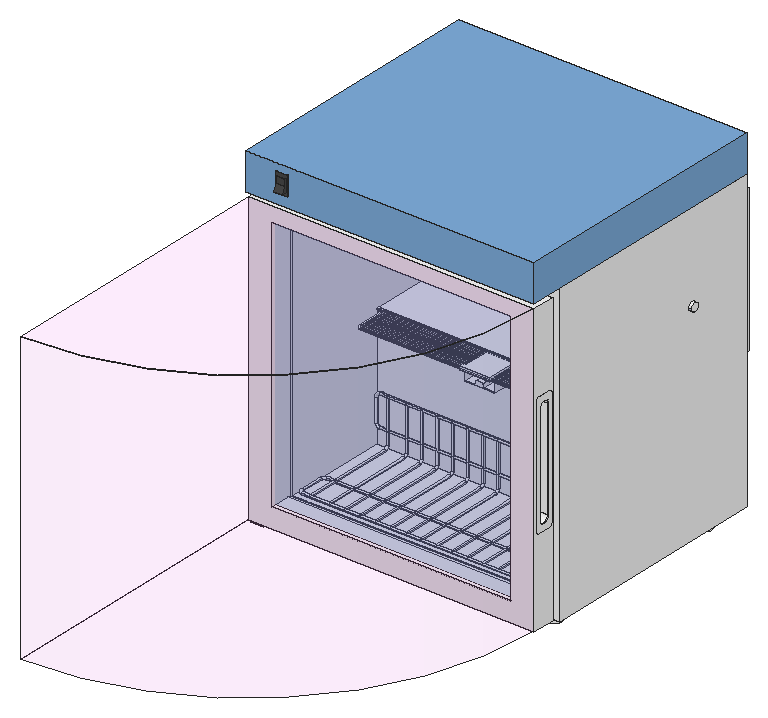
Revit family "QF_Summit_ACR162G_19_Wide_Compact_Healthcare_Refrigerator", category Specialty Equipment, Revit 2020 (continued)
Automatic sketch dimensions
  Extrusion 48 sketch curve to plane 6 "TOP" = 0.70063"
  plane 5 "FRONT" to Extrusion 48 sketch curve = 0.06284"
  Extrusion 48 sketch curve to Extrusion 48 sketch curve = 0.40138"
  Extrusion 48 sketch curve to Extrusion 48 sketch curve = 0"
  Extrusion 48 sketch curve to Extrusion 48 sketch curve = 0.40401"
  Extrusion 48 sketch curve to Extrusion 48 sketch curve = 0.25902"
  curve 23 to curve 4 = 0.07062"
  radius of Extrusion 10 sketch curve = 1/4"
  radius of Extrusion 12 sketch curve = 1/4"
  radius of Sweep 16 sketch curve = 0.0355"
  radius of Extrusion 17 sketch curve = 0.01764"  (x246)
  radius of Extrusion 18 sketch curve = 1.86562"
  radius of Extrusion 19 sketch curve = 0.15366"  (x4)
  radius of Sweep 20 sketch curve = 1/16"
  radius of Sweep 21 sketch curve = 1/16"
  radius of Sweep 22 sketch curve = 1.79706"
  radius of Sweep 22 sketch curve = 0.03311"
  radius of Sweep 23 sketch curve = 1.58291"
  radius of Sweep 23 sketch curve = 0.03311"
  radius of Sweep 24 sketch curve = 1.33469"
  radius of Sweep 24 sketch curve = 0.03311"
  radius of Sweep 25 sketch curve = 1.07736"
  radius of Sweep 25 sketch curve = 0.03311"
  radius of Sweep 26 sketch curve = 0.57884"
  radius of Sweep 26 sketch curve = 0.03311"
  radius of Sweep 27 sketch curve = 0.83566"
  radius of Sweep 27 sketch curve = 0.03311"
  radius of Sweep 28 sketch curve = 0.07039"
  radius of Sweep 29 sketch curve = 0.06257"
  radius of Sweep 30 sketch curve = 1/16"
  radius of Sweep 31 sketch curve = 1/16"
  radius of Sweep 32 sketch curve = 1/16"
  radius of Sweep 33 sketch curve = 1/16"
  radius of Sweep 34 sketch curve = 1/16"
  radius of Sweep 35 sketch curve = 1/16"
  radius of Sweep 36 sketch curve = 1/16"
  radius of Sweep 37 sketch curve = 1/16"
  radius of Sweep 38 sketch curve = 1/16"
  radius of Sweep 39 sketch curve = 1/16"
  radius of Sweep 40 sketch curve = 1/16"
  radius of Sweep 41 sketch curve = 1/16"
  radius of Sweep 42 sketch curve = 1/16"
  radius of Sweep 43 sketch curve = 1/16"
  radius of Sweep 44 sketch curve = 0.07039"
  radius of Sweep 45 sketch curve = 0.29913"
  radius of Sweep 45 sketch curve = 0.03311"
  radius of Extrusion 46 sketch curve = 1/4"  (x13)
  radius of Split face 1 sketch curve = 1/2"
  radius of Split face 2 sketch curve = 1/4"
Nested families (in)
  nested 1: "RHD AND LHD" at (-0.0625, -16.375, 0.6275), Show Clearance <- "Show Clearance", Show Left Hand Door <- "Show Left Hand Door", Show Right Hand Door <- "Show Right Hand Door", type "RHD AND LHD"
    with Show Right Hand Door no, Show Left Hand Door yes, Show Clearance yes, Right Hand Door no, Left Hand Door yes, Clearance yes
Connectors (in)
  electrical at (16.625, -0.46875, 1.63983), driven by "Volts", driven by "Watts"
    settings: on Extrusion 12, index 1, voltage 115 V, apparent load 69 VA, apparent load phase1 0 VA, apparent load phase2 0 VA, apparent load phase3 0 VA, power factor 1, load classification "Other", number of poles 1, system type 30, power factor state 1, is connector primary yes, connector utility no, sub classification motor no, connector description "ELECTRICAL CONNECTION"
Definition of nested family "RHD AND LHD"
  Parameters (values of type "RHD AND LHD")
    Weight in Pounds = 0
    URL Cutsheet = ""
    Specification by User = ""
    Specification by Manufacturer = ""
    Show Right Hand Door [instance] = yes
    Show Left Hand Door [instance] = yes
    Show Clearance [instance] = yes
    Serial Number = ""
    Seismic Rating = ""
    SMACNA No = ""
    Right Hand Door [instance] = Show Right Hand Door  # yes
    Revision Code = ""
    NAFEM Spec ID Number = ""
    Masterspec = ""
    Length = 18 3/4"
    Left Hand Door [instance] = Show Left Hand Door  # yes
    Item Number = ""
    Installed By = ""
    Identify Quantity as Lot = yes
    Height = 22.88"
    Furnished By = ""
    Foodservice Equipment Identifier = yes
    Depth = 1 1/2"
    Default Elevation = 0"
    Clearance [instance] = Show Clearance  # yes
    CSI MasterFormat = ""
  Reference planes (in)
    plane 1 "BACK": y = 0
    plane 2: z = 0
    plane 3 "LEFT": x = 0
    plane 4 "RIGHT": x = 18.75
    plane 5 "FRONT": y = -1.5
    plane 6 "TOP": z = 22.88
    plane 7 "Center Y": x = 9.375
    plane 8 "Center X": y = -0.75
  Dimensions and locks (in)
    equal spacing: plane 3 "LEFT", plane 7 "Center Y", plane 4 "RIGHT"
    "Length": plane 3 "LEFT" to plane 4 "RIGHT"
    equal spacing: plane 5 "FRONT", plane 8 "Center X", plane 1 "BACK"
    "Depth": plane 5 "FRONT" to plane 1 "BACK"
    "Height": plane 6 "TOP" to level
    aligned and locked: level to plane 2
  Nested families (in)
    nested 1: "RHD" at (0, 0, -0.69), Show Clearance <- "Show Clearance", Show Right Hand Door <- "Right Hand Door", visible <- "Right Hand Door", type "RHD"
      with Show Right Hand Door yes, Show Clearance yes, Right Hand Door yes, Left Hand Door yes, Clearance yes
    nested 2: "LHD" at (0.0625, 0, -0.69), Show Clearance <- "Show Clearance", Show Left Hand Door <- "Left Hand Door", visible <- "Left Hand Door", type "LHD"
      with Show Left Hand Door yes, Show Clearance yes, Left Hand Door yes, Clearance yes
  Definition of nested family "RHD"
    Parameters (values of type "RHD")
      Weight in Pounds = 0
      URL Cutsheet = ""
      Specification by User = ""
      Specification by Manufacturer = ""
      Show Right Hand Door [instance] = yes
      Show Clearance [instance] = yes
      Serial Number = ""
      Seismic Rating = ""
      SMACNA No = ""
      Right Hand Door [instance] = Show Right Hand Door  # yes
      Revision Code = ""
      NAFEM Spec ID Number = ""
      Masterspec = ""
      Length = 18 3/4"
      Left Hand Door [instance] = yes
      Item Number = ""
      Installed By = ""
      Identify Quantity as Lot = yes
      Height = 22.88"
      Furnished By = ""
      Foodservice Equipment Identifier = yes
      Depth = 1 1/2"
      Default Elevation = 0"
      Clearance [instance] = Show Clearance  # yes
      CSI MasterFormat = ""
    Reference planes (in)
      plane 1 "BACK": y = 0
      plane 2: z = 0
      plane 3 "LEFT": x = 0
      plane 4 "RIGHT": x = 18.75
      plane 5 "FRONT": y = -1.5
      plane 6 "TOP": z = 22.88
      plane 7 "Center Y": x = 9.375
      plane 8 "Center X": y = -0.75
    Forms (in)
      Extrusion 1, solid, visible <- "Right Hand Door"
        sketch origin (-2.76448, -1.75, 47.31) x (-1, 0, 0) y (0, 0, 1)
          loop
            line (-2.82698, -27.1225) -> (-21.45198, -27.1225) -> (-21.45198, -45.9975) -> (-2.82698, -45.9975) -> (-2.82698, -27.1225)
          loop
            line (-4.32698, -28.06) -> (-19.95198, -28.06) -> (-19.95198, -44.685) -> (-4.32698, -44.685) -> (-4.32698, -28.06)
        from 0.25 to 1.75
      Revolve 2, solid, visible <- "Right Hand Door"
        sketch origin (18.25, -163.625, 20.5625) x (0, 0, 1) y (0, -1, 0)
          loop
            line (-0.375, -162.875) -> (-0.375, -163.125) -> (0, -163.125) -> (0, -162.875) -> (-0.375, -162.875)
          axis (0, -162.875) -> (-0.375, -162.875)
        angle from 0 to 360
      Extrusion 3, solid, visible <- "Right Hand Door"
        sketch origin (18.75, 0.5, 1.0625) x (-1, 0, 0) y (0, 0, -1)
          loop
            line (0.9375, -0.15066) -> (0.9375, -0.08986) -> (0.0625, -0.08986) -> (0.0625, -0.15066) -> (0.9375, -0.15066)
        from 0 to 1.84933
      Revolve 4, solid, visible <- "Right Hand Door"
        sketch origin (18.25, -163.625, 1.3125) x (0, 0, 1) y (0, -1, 0)
          loop
            line (-0.09934, -162.875) -> (-0.09934, -163.125) -> (0, -163.125) -> (0, -162.875) -> (-0.09934, -162.875)
          axis (0, -162.875) -> (-0.09934, -162.875)
        angle from 0 to 360
      Extrusion 5, solid
        sketch origin (17.1875, -1.75, 2.625) x (-1, 0, 0) y (0, -1, 0)
          loop
            line (0, -1.5) -> (15.625, -1.5) -> (15.625, -0.5) -> (0, -0.5) -> (0, -1.5)
        from 0 to 16.625
      Extrusion 6, solid, visible <- "Clearance"
        sketch origin (16.53697, -2, 2.0025) x (0, 1, 0) y (1, 0, 0)
          loop
            line (0.5, -16.47279) -> (0.5, 2.15053) -> (-18.12332, 2.15053)
            arc (-18.12332, 2.15053) -> (-12.66868, -11.01814) -> (0.5, -16.47279) r 18.62332
        from 0.69 to -18.185
      Extrusion 7, solid, visible <- "Left Hand Door"
        sketch origin (0.0625, -1.75, 19.4375) x (0, 0, 1) y (0, 1, 0)
          loop
            line (-4.75, 1.625) -> (-12.25, 1.625)
            arc (-12.25, 1.625) -> (-12.42678, 1.55178) -> (-12.5, 1.375) r 0.25
            line (-12.5, 1.375) -> (-12.5, 0.625)
            arc (-12.5, 0.625) -> (-12.42678, 0.44822) -> (-12.25, 0.375) r 0.25
            line (-12.25, 0.375) -> (-4.75, 0.375)
            arc (-4.75, 0.375) -> (-4.57322, 0.44822) -> (-4.5, 0.625) r 0.25
            line (-4.5, 0.625) -> (-4.5, 1.375)
            arc (-4.5, 1.375) -> (-4.57322, 1.55178) -> (-4.75, 1.625) r 0.25
          loop
            line (-5.25238, 1.375) -> (-11.75, 1.375)
            arc (-11.75, 1.375) -> (-12.125, 1) -> (-11.75, 0.625) r 0.375
            line (-11.75, 0.625) -> (-5.25238, 0.625)
            arc (-5.25238, 0.625) -> (-4.87738, 1) -> (-5.25238, 1.375) r 0.375
        from 0 to 0.0625
      Extrusion 8, void
        sketch origin (0, -1.75, 19.4375) x (0, 0, -1) y (0, 1, 0)
          loop
            arc (5.25238, 1.375) -> (4.87738, 1) -> (5.25238, 0.625) r 0.375
            line (5.25238, 0.625) -> (11.75, 0.625)
            arc (11.75, 0.625) -> (12.125, 1) -> (11.75, 1.375) r 0.375
            line (11.75, 1.375) -> (5.25238, 1.375)
        from 0 to 0.27076
    Cuts and joins
      Extrusion 8 cuts Extrusion 1
      Extrusion 8 cuts Extrusion 5
      Extrusion 8 cuts Extrusion 7
    Lines and regions (in)
      symbolic lines, visible <- "Clearance"
        curve 1: arc (2.66712, -10.99937, 0) -> (0.72545, -6.42499, 0) -> (0.0625, -1.5, 0) r 18.625
        curve 2: line (18.6875, -1.75, 0) -> (2.66712, -10.99937, 0)
    Dimensions and locks (in)
      equal spacing: plane 3 "LEFT", plane 7 "Center Y", plane 4 "RIGHT"
      "Length": plane 3 "LEFT" to plane 4 "RIGHT"
      equal spacing: plane 5 "FRONT", plane 8 "Center X", plane 1 "BACK"
      "Depth": plane 5 "FRONT" to plane 1 "BACK"
      "Height": plane 6 "TOP" to level
      aligned and locked: level to plane 2
    Automatic sketch dimensions
      plane 5 "FRONT" to curve 1 = 0"
      plane 4 "RIGHT" to curve 1 = 1/16"
      plane 4 "RIGHT" to curve 2 = 1/16"
      plane 3 "LEFT" to curve 2 = 2.66712"
      plane 3 "LEFT" to curve 1 = 1/16"
      curve 2 to curve 1 = 1/4"
      Revolve 2 sketch curve to plane 8 "Center X" = 0"  (x2)
      Revolve 2 sketch curve to plane 6 "TOP" = 2.6925"
      Revolve 2 sketch curve to Revolve 2 sketch curve = 3/8"
      Revolve 2 sketch curve to Revolve 2 sketch curve = 1/4"
      Revolve 2 sketch curve to Revolve 2 sketch curve = 0.12972"
      Revolve 2 sketch curve to Revolve 2 sketch curve = 0"
      plane 4 "RIGHT" to Extrusion 3 sketch curve = 1/16"
      Extrusion 3 sketch curve to Extrusion 3 sketch curve = 7/8"
      level to Extrusion 3 sketch curve = 1.21316"
      Extrusion 3 sketch curve to Extrusion 3 sketch curve = 0.0608"
      Revolve 4 sketch curve to plane 8 "Center X" = 0"  (x2)
      level to Revolve 4 sketch curve = 1.21316"
      Revolve 4 sketch curve to Revolve 4 sketch curve = 0.09934"
      Revolve 4 sketch curve to Revolve 4 sketch curve = 1/4"
      Revolve 4 sketch curve to Revolve 4 sketch curve = 0.03038"
      Revolve 4 sketch curve to Revolve 4 sketch curve = 0"
      plane 4 "RIGHT" to Extrusion 1 sketch curve = 1/16"
      plane 4 "RIGHT" to Extrusion 1 sketch curve = 1 9/16"
      plane 3 "LEFT" to Extrusion 1 sketch curve = 1 9/16"
      plane 3 "LEFT" to Extrusion 1 sketch curve = 1/16"
      level to Extrusion 1 sketch curve = 1 5/16"
      Extrusion 1 sketch curve to Extrusion 1 sketch curve = 1 5/16"
      Extrusion 1 sketch curve to plane 6 "TOP" = 3.63"
      Extrusion 1 sketch curve to Extrusion 1 sketch curve = 15/16"
      Extrusion 5 sketch curve to Extrusion 1 = 0"  (x2)
      Extrusion 1 to Extrusion 5 sketch curve = 1/4"  (x2)
      plane 5 "FRONT" to Extrusion 6 sketch curve = 0"
      plane 4 "RIGHT" to Extrusion 6 sketch curve = 1/16"
      Extrusion 6 sketch curve to Extrusion 6 sketch curve = 18.62332"
      Extrusion 1 to Extrusion 7 sketch curve = 3/8"  (x2)
      Extrusion 7 sketch curve to Extrusion 1 = 5 5/8"
      Extrusion 1 to Extrusion 7 sketch curve = 1/8"  (x2)
      Extrusion 7 sketch curve to Extrusion 7 sketch curve = 1/4"  (x2)
      Extrusion 7 sketch curve to Extrusion 7 sketch curve = 1/2"
      Extrusion 1 to Extrusion 7 sketch curve = 6.00238"
      Extrusion 7 sketch curve to Extrusion 7 sketch curve = 0.50238"  (x2)
      Extrusion 7 sketch curve to Extrusion 7 sketch curve = 3/8"
      Extrusion 7 to Extrusion 8 sketch curve = 0.75238"
      radius of Extrusion 8 sketch curve to Extrusion 7 = 0"
  Definition of nested family "LHD"
    Parameters (values of type "LHD")
      Weight in Pounds = 0
      URL Cutsheet = ""
      Specification by User = ""
      Specification by Manufacturer = ""
      Show Left Hand Door [instance] = yes
      Show Clearance [instance] = yes
      Serial Number = ""
      Seismic Rating = ""
      SMACNA No = ""
      Left Hand Door [instance] = Show Left Hand Door  # yes
      Revision Code = ""
      NAFEM Spec ID Number = ""
      Masterspec = ""
      Length = 18 3/4"
      Item Number = ""
      Installed By = ""
      Identify Quantity as Lot = yes
      Height = 22.88"
      Furnished By = ""
      Foodservice Equipment Identifier = yes
      Depth = 1 1/2"
      Default Elevation = 0"
      Clearance [instance] = Show Clearance  # yes
      CSI MasterFormat = ""
    Reference planes (in)
      plane 1 "BACK": y = 0
      plane 2: z = 0
      plane 3 "LEFT": x = 0
      plane 4 "RIGHT": x = 18.75
      plane 5 "FRONT": y = -1.5
      plane 6 "TOP": z = 22.88
      plane 7 "Center Y": x = 9.375
      plane 8 "Center X": y = -0.75
    Forms (in)
      Extrusion 1, solid, visible <- "Left Hand Door"
        sketch origin (-2.76448, -1.75, 47.31) x (-1, 0, 0) y (0, 0, 1)
          loop
            line (-2.82698, -27.1225) -> (-21.45198, -27.1225) -> (-21.45198, -45.9975) -> (-2.82698, -45.9975) -> (-2.82698, -27.1225)
          loop
            line (-19.95198, -28.06) -> (-19.95198, -44.685) -> (-4.32698, -44.685) -> (-4.32698, -28.06) -> (-19.95198, -28.06)
        from 0.25 to 1.75
      Extrusion 2, solid, visible <- "Left Hand Door"
        sketch origin (18.75, -0.25, -0.94) x (0, 1, 0) y (0, 0, -1)
          loop
            line (0.125, -15.6275) -> (0.125, -8.1275)
            arc (0.125, -8.1275) -> (0.05178, -7.95072) -> (-0.125, -7.8775) r 0.25
            line (-0.125, -7.8775) -> (-0.875, -7.8775)
            arc (-0.875, -7.8775) -> (-1.05178, -7.95072) -> (-1.125, -8.1275) r 0.25
            line (-1.125, -8.1275) -> (-1.125, -15.6275)
            arc (-1.125, -15.6275) -> (-1.05178, -15.80428) -> (-0.875, -15.8775) r 0.25
            line (-0.875, -15.8775) -> (-0.125, -15.8775)
            arc (-0.125, -15.8775) -> (0.05178, -15.80428) -> (0.125, -15.6275) r 0.25
          loop
            line (-0.125, -15.12512) -> (-0.125, -8.6275)
            arc (-0.125, -8.6275) -> (-0.5, -8.2525) -> (-0.875, -8.6275) r 0.375
            line (-0.875, -8.6275) -> (-0.875, -15.12512)
            arc (-0.875, -15.12512) -> (-0.5, -15.50012) -> (-0.125, -15.12512) r 0.375
        from 0 to 0.0625
      Extrusion 3, void
        sketch origin (18.6875, -1.75, 19.9375) x (0, 0, 1) y (0, 1, 0)
          loop
            arc (-5.75238, 0.625) -> (-5.37738, 1) -> (-5.75238, 1.375) r 0.375
            line (-5.75238, 1.375) -> (-12.25, 1.375)
            arc (-12.25, 1.375) -> (-12.625, 1) -> (-12.25, 0.625) r 0.375
            line (-12.25, 0.625) -> (-5.75238, 0.625)
        from 0 to 0.68518
      Revolve 4, solid, visible <- "Left Hand Door"
        sketch origin (0.5, -163.625, 20.5625) x (0, 0, 1) y (0, -1, 0)
          loop
            line (-0.375, -162.875) -> (-0.375, -163.125) -> (0, -163.125) -> (0, -162.875) -> (-0.375, -162.875)
          axis (0, -162.875) -> (-0.375, -162.875)
        angle from 0 to 360
      Extrusion 5, solid, visible <- "Left Hand Door"
        sketch origin (1, 0.5, 1.0625) x (-1, 0, 0) y (0, 0, -1)
          loop
            line (0.9375, -0.15066) -> (0.9375, -0.08986) -> (0.0625, -0.08986) -> (0.0625, -0.15066) -> (0.9375, -0.15066)
        from 0 to 1.84933
      Revolve 6, solid, visible <- "Left Hand Door"
        sketch origin (0.5, -163.625, 1.3125) x (0, 0, 1) y (0, -1, 0)
          loop
            line (-0.09934, -162.875) -> (-0.09934, -163.125) -> (0, -163.125) -> (0, -162.875) -> (-0.09934, -162.875)
          axis (0, -162.875) -> (-0.09934, -162.875)
        angle from 0 to 360
      Extrusion 7, solid
        sketch origin (1.5625, -1.75, 2.625) x (1, 0, 0) y (0, 1, 0)
          loop
            line (0, 1.5) -> (0, 0.5) -> (15.625, 0.5) -> (15.625, 1.5) -> (0, 1.5)
        from 0 to 16.625
      Extrusion 8, solid, visible <- "Clearance"
        sketch origin (2.21303, -1.75, 2.0025) x (0, -1, 0) y (-1, 0, 0)
          loop
            arc (-0.25, -16.47447) -> (12.91986, -11.01933) -> (18.375, 2.15053) r 18.625
            line (18.375, 2.15053) -> (-0.25, 2.15053) -> (-0.25, -16.47447)
        from 0.69 to -18.185
    Cuts and joins
      Extrusion 3 cuts Extrusion 1
    Lines and regions (in)
      symbolic lines, visible <- "Left Hand Door"
        curve 1: arc (16.08288, -10.99937, 0) -> (18.02455, -6.42499, 0) -> (18.6875, -1.5, 0) r 18.625
        curve 2: line (0.06419, -1.75098, 0) -> (16.08288, -10.99937, 0)
    Dimensions and locks (in)
      equal spacing: plane 3 "LEFT", plane 7 "Center Y", plane 4 "RIGHT"
      "Length": plane 3 "LEFT" to plane 4 "RIGHT"
      equal spacing: plane 5 "FRONT", plane 8 "Center X", plane 1 "BACK"
      "Depth": plane 5 "FRONT" to plane 1 "BACK"
      "Height": plane 6 "TOP" to level
      aligned and locked: level to plane 2
    Automatic sketch dimensions
      plane 5 "FRONT" to curve 1 = 0"
      plane 3 "LEFT" to curve 1 = 1/16"
      plane 4 "RIGHT" to curve 2 = 2.66712"
      plane 5 "FRONT" to curve 2 = 9.49937"
      plane 3 "LEFT" to curve 2 = 0.06419"
      plane 4 "RIGHT" to Extrusion 1 sketch curve = 1/16"
      plane 3 "LEFT" to Extrusion 1 sketch curve = 1/16"
      level to Extrusion 1 sketch curve = 1 5/16"
      Extrusion 1 sketch curve to plane 6 "TOP" = 2.6925"
      Extrusion 2 sketch curve to plane 8 "Center X" = 0"
      Extrusion 2 sketch curve to plane 5 "FRONT" = 3/8"  (x3)
      Extrusion 2 sketch curve to plane 5 "FRONT" = 1/8"
      plane 1 "BACK" to Extrusion 2 sketch curve = 3/8"  (x2)
      plane 1 "BACK" to Extrusion 2 sketch curve = 1/8"
      Extrusion 2 sketch curve to plane 6 "TOP" = 7.9425"
      Extrusion 2 sketch curve to Extrusion 2 sketch curve = 0.50238"
      Extrusion 2 sketch curve to Extrusion 2 sketch curve = 6.49762"
      Extrusion 2 sketch curve to Extrusion 2 sketch curve = 1/2"
      plane 5 "FRONT" to curve 2 = 0.25098"
      Revolve 4 sketch curve to plane 8 "Center X" = 0"  (x2)
      Revolve 4 sketch curve to plane 6 "TOP" = 2.6925"
      Revolve 4 sketch curve to Revolve 4 sketch curve = 3/8"
      Revolve 4 sketch curve to Revolve 4 sketch curve = 1/4"
      Revolve 4 sketch curve to Revolve 4 sketch curve = 0.12972"
      Revolve 4 sketch curve to Revolve 4 sketch curve = 0"
      plane 3 "LEFT" to Extrusion 5 sketch curve = 15/16"
      plane 3 "LEFT" to Extrusion 5 sketch curve = 1/16"
      level to Extrusion 5 sketch curve = 1.21316"
      Extrusion 5 sketch curve to Extrusion 5 sketch curve = 0.0608"
      Revolve 6 sketch curve to plane 8 "Center X" = 0"  (x2)
      level to Revolve 6 sketch curve = 1.21316"
      Revolve 6 sketch curve to Revolve 6 sketch curve = 0.09934"
      Revolve 6 sketch curve to Revolve 6 sketch curve = 1/4"
      Revolve 6 sketch curve to Revolve 6 sketch curve = 0.03038"
      Revolve 6 sketch curve to Revolve 6 sketch curve = 0"
      Extrusion 3 sketch curve to Extrusion 1 = 3/4"
      Extrusion 3 sketch curve to Extrusion 1 = 6 3/8"
      Extrusion 3 sketch curve to Extrusion 1 = 6.00238"
      Extrusion 3 sketch curve to Extrusion 1 = 3/8"
      plane 4 "RIGHT" to Extrusion 1 sketch curve = 1 9/16"
      plane 3 "LEFT" to Extrusion 1 sketch curve = 1 9/16"
      Extrusion 1 sketch curve to Extrusion 1 sketch curve = 1 5/16"
      Extrusion 1 sketch curve to Extrusion 1 sketch curve = 15/16"
      Extrusion 7 sketch curve to Extrusion 1 = 0"  (x2)
      Extrusion 1 to Extrusion 7 sketch curve = 1/4"  (x2)
      plane 5 "FRONT" to Extrusion 8 sketch curve = 0"
      plane 3 "LEFT" to Extrusion 8 sketch curve = 1/16"
      Extrusion 8 sketch curve to Extrusion 8 sketch curve = 18 5/8"
